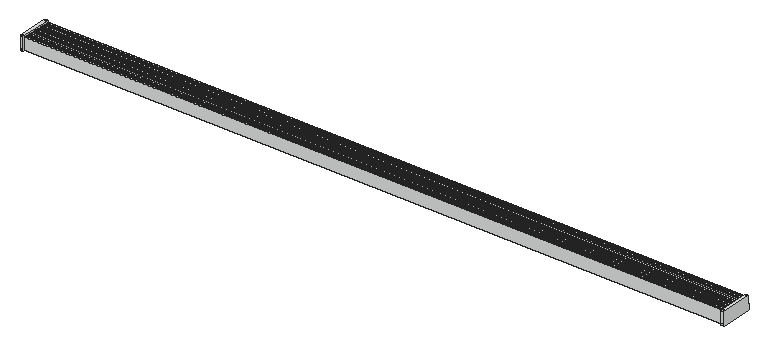
Revit family "Shower-Drain_Cover-KOHLER-Linear-K-80655", category Specialty Equipment, host Face, Revit 2017 (continued)
Definition of nested family "K-80655"
  Lines and regions (in)
    symbolic lines, detail levels medium+fine
      curve 582: line (-22.03447, -0.77, 0) -> (-22.03447, -0.91, 0)
      curve 583: line (-22.03447, -0.67, 0) -> (-21.37167, -0.67, 0)
      curve 584: line (-22.03447, -0.53, 0) -> (-21.37167, -0.53, 0)
      curve 585: line (-21.25967, -0.67, 0) -> (-20.59687, -0.67, 0)
      curve 586: line (-21.25967, -0.53, 0) -> (-20.59687, -0.53, 0)
      curve 587: line (-22.03447, -0.53, 0) -> (-22.03447, -0.67, 0)
      curve 588: line (-20.59687, -0.43, 0) -> (-20.59687, -0.29, 0)
      curve 589: line (-21.25967, -0.53, 0) -> (-21.25967, -0.67, 0)
      curve 590: line (-21.37167, -0.53, 0) -> (-21.37167, -0.67, 0)
      curve 591: line (-22.03447, -0.43, 0) -> (-21.37167, -0.43, 0)
      curve 592: line (-22.03447, -0.29, 0) -> (-21.37167, -0.29, 0)
      curve 593: line (-22.03447, -0.29, 0) -> (-22.03447, -0.43, 0)
      curve 594: line (-21.37167, -0.29, 0) -> (-21.37167, -0.43, 0)
      curve 595: line (-21.25967, -0.29, 0) -> (-21.25967, -0.43, 0)
      curve 596: line (-20.59687, -0.19, 0) -> (-20.59687, -0.05, 0)
      curve 597: line (-21.25967, -0.29, 0) -> (-20.59687, -0.29, 0)
      curve 598: line (-21.25967, -0.43, 0) -> (-20.59687, -0.43, 0)
      curve 599: line (-22.03447, -0.19, 0) -> (-21.37167, -0.19, 0)
      curve 600: line (-22.03447, -0.05, 0) -> (-21.37167, -0.05, 0)
      curve 601: line (-21.25967, -0.19, 0) -> (-20.59687, -0.19, 0)
      curve 602: line (-21.25967, -0.05, 0) -> (-20.59687, -0.05, 0)
      curve 603: line (-20.48505, 0.05, 0) -> (-20.48505, 0.19, 0)
      curve 604: line (-19.92137, 1.15, 0) -> (-20.38565, 1.15, 0)
      curve 605: line (-19.82225, 1.05088, 0) -> (-19.82225, 1.01, 0)
      curve 606: arc (-19.82225, 1.05088, 0) -> (-19.85128, 1.12097, 0) -> (-19.92137, 1.15, 0) r 0.09912
      curve 607: line (-19.82225, 0.91, 0) -> (-20.48505, 0.91, 0)
      curve 608: line (-20.48505, 1.01, 0) -> (-19.82225, 1.01, 0)
      curve 609: line (-19.82225, 0.91, 0) -> (-19.82225, 0.77, 0)
      curve 610: line (-19.82225, 0.67, 0) -> (-19.82225, 0.53, 0)
      curve 611: line (-20.48505, 0.77, 0) -> (-19.82225, 0.77, 0)
      curve 612: line (-20.48505, 0.77, 0) -> (-20.48505, 0.91, 0)
      curve 613: line (-20.48505, 0.67, 0) -> (-19.82225, 0.67, 0)
      curve 614: line (-20.48505, 0.53, 0) -> (-19.82225, 0.53, 0)
      curve 615: line (-19.82225, 0.43, 0) -> (-19.82225, 0.29, 0)
      curve 616: line (-20.48505, 0.53, 0) -> (-20.48505, 0.67, 0)
      curve 617: line (-20.48505, 0.29, 0) -> (-20.48505, 0.43, 0)
      curve 618: line (-19.82225, 0.19, 0) -> (-19.82225, 0.05, 0)
      curve 619: line (-20.48505, 0.29, 0) -> (-19.82225, 0.29, 0)
      curve 620: line (-20.48505, 0.43, 0) -> (-19.82225, 0.43, 0)
      curve 621: line (-20.48505, 0.19, 0) -> (-19.82225, 0.19, 0)
      curve 622: line (-20.48505, 0.05, 0) -> (-19.82225, 0.05, 0)
      curve 623: line (-20.48505, -0.05, 0) -> (-20.48505, -0.19, 0)
      curve 624: line (-19.92137, -1.15, 0) -> (-20.38186, -1.15, 0)
      curve 625: line (-19.82225, -1.05088, 0) -> (-19.82225, -1.01, 0)
      curve 626: arc (-19.82225, -1.05088, 0) -> (-19.85128, -1.12097, 0) -> (-19.92137, -1.15, 0) r 0.09912
      curve 627: line (-19.82225, -0.91, 0) -> (-20.48505, -0.91, 0)
      curve 628: line (-20.48505, -1.01, 0) -> (-19.82225, -1.01, 0)
      curve 629: line (-19.82225, -0.91, 0) -> (-19.82225, -0.77, 0)
      curve 630: line (-19.82225, -0.67, 0) -> (-19.82225, -0.53, 0)
      curve 631: line (-20.48505, -0.77, 0) -> (-19.82225, -0.77, 0)
      curve 632: line (-20.48505, -0.77, 0) -> (-20.48505, -0.91, 0)
      curve 633: line (-20.48505, -0.67, 0) -> (-19.82225, -0.67, 0)
      curve 634: line (-20.48505, -0.53, 0) -> (-19.82225, -0.53, 0)
      curve 635: line (-19.82225, -0.43, 0) -> (-19.82225, -0.29, 0)
      curve 636: line (-20.48505, -0.53, 0) -> (-20.48505, -0.67, 0)
      curve 637: line (-20.48505, -0.29, 0) -> (-20.48505, -0.43, 0)
      curve 638: line (-19.82225, -0.19, 0) -> (-19.82225, -0.05, 0)
      curve 639: line (-20.48505, -0.29, 0) -> (-19.82225, -0.29, 0)
      curve 640: line (-20.48505, -0.43, 0) -> (-19.82225, -0.43, 0)
      curve 641: line (-20.48505, -0.19, 0) -> (-19.82225, -0.19, 0)
      curve 642: line (-20.48505, -0.05, 0) -> (-19.82225, -0.05, 0)
      curve 643: line (-20.48505, 1.01, 0) -> (-20.48505, 1.05059, 0)
      curve 644: arc (-20.48505, 1.05059, 0) -> (-20.45594, 1.12088, 0) -> (-20.38565, 1.15, 0) r 0.09941
      curve 645: line (-20.48505, -1.01, 0) -> (-20.48505, -1.04681, 0)
      curve 646: arc (-20.48505, -1.04681, 0) -> (-20.45483, -1.11978, 0) -> (-20.38186, -1.15, 0) r 0.10319
      curve 647: line (-19.70999, 0.05, 0) -> (-19.70999, 0.19, 0)
      curve 648: line (-19.14631, 1.15, 0) -> (-19.61058, 1.15, 0)
      curve 649: line (-19.04719, 1.05088, 0) -> (-19.04719, 1.01, 0)
      curve 650: arc (-19.04719, 1.05088, 0) -> (-19.07622, 1.12097, 0) -> (-19.14631, 1.15, 0) r 0.09912
      curve 651: line (-19.04719, 0.91, 0) -> (-19.70999, 0.91, 0)
      curve 652: line (-19.70999, 1.01, 0) -> (-19.04719, 1.01, 0)
      curve 653: line (-19.04719, 0.91, 0) -> (-19.04719, 0.77, 0)
      curve 654: line (-19.04719, 0.67, 0) -> (-19.04719, 0.53, 0)
      curve 655: line (-19.70999, 0.77, 0) -> (-19.04719, 0.77, 0)
      curve 656: line (-19.70999, 0.77, 0) -> (-19.70999, 0.91, 0)
      curve 657: line (-19.70999, 0.67, 0) -> (-19.04719, 0.67, 0)
      curve 658: line (-19.70999, 0.53, 0) -> (-19.04719, 0.53, 0)
      curve 659: line (-19.04719, 0.43, 0) -> (-19.04719, 0.29, 0)
      curve 660: line (-19.70999, 0.53, 0) -> (-19.70999, 0.67, 0)
      curve 661: line (-19.70999, 0.29, 0) -> (-19.70999, 0.43, 0)
      curve 662: line (-19.04719, 0.19, 0) -> (-19.04719, 0.05, 0)
      curve 663: line (-19.70999, 0.29, 0) -> (-19.04719, 0.29, 0)
      curve 664: line (-19.70999, 0.43, 0) -> (-19.04719, 0.43, 0)
      curve 665: line (-19.70999, 0.19, 0) -> (-19.04719, 0.19, 0)
      curve 666: line (-19.70999, 0.05, 0) -> (-19.04719, 0.05, 0)
      curve 667: line (-19.70999, -0.05, 0) -> (-19.70999, -0.19, 0)
      curve 668: line (-19.14631, -1.15, 0) -> (-19.60679, -1.15, 0)
      curve 669: line (-19.04719, -1.05088, 0) -> (-19.04719, -1.01, 0)
      curve 670: arc (-19.04719, -1.05088, 0) -> (-19.07622, -1.12097, 0) -> (-19.14631, -1.15, 0) r 0.09912
      curve 671: line (-19.04719, -0.91, 0) -> (-19.70999, -0.91, 0)
      curve 672: line (-19.70999, -1.01, 0) -> (-19.04719, -1.01, 0)
      curve 673: line (-19.04719, -0.91, 0) -> (-19.04719, -0.77, 0)
      curve 674: line (-19.04719, -0.67, 0) -> (-19.04719, -0.53, 0)
      curve 675: line (-19.70999, -0.77, 0) -> (-19.04719, -0.77, 0)
      curve 676: line (-19.70999, -0.77, 0) -> (-19.70999, -0.91, 0)
      curve 677: line (-19.70999, -0.67, 0) -> (-19.04719, -0.67, 0)
      curve 678: line (-19.70999, -0.53, 0) -> (-19.04719, -0.53, 0)
      curve 679: line (-19.04719, -0.43, 0) -> (-19.04719, -0.29, 0)
      curve 680: line (-19.70999, -0.53, 0) -> (-19.70999, -0.67, 0)
      curve 681: line (-19.70999, -0.29, 0) -> (-19.70999, -0.43, 0)
      curve 682: line (-19.04719, -0.19, 0) -> (-19.04719, -0.05, 0)
      curve 683: line (-19.70999, -0.29, 0) -> (-19.04719, -0.29, 0)
      curve 684: line (-19.70999, -0.43, 0) -> (-19.04719, -0.43, 0)
      curve 685: line (-19.70999, -0.19, 0) -> (-19.04719, -0.19, 0)
      curve 686: line (-19.70999, -0.05, 0) -> (-19.04719, -0.05, 0)
      curve 687: line (-19.70999, 1.01, 0) -> (-19.70999, 1.05059, 0)
      curve 688: arc (-19.70999, 1.05059, 0) -> (-19.68087, 1.12088, 0) -> (-19.61058, 1.15, 0) r 0.09941
      curve 689: line (-19.70999, -1.01, 0) -> (-19.70999, -1.04681, 0)
      curve 690: arc (-19.70999, -1.04681, 0) -> (-19.67976, -1.11978, 0) -> (-19.60679, -1.15, 0) r 0.10319
      curve 691: line (-18.93446, 0.05, 0) -> (-18.93446, 0.19, 0)
      curve 692: line (-18.37078, 1.15, 0) -> (-18.83505, 1.15, 0)
      curve 693: line (-18.27166, 1.05088, 0) -> (-18.27166, 1.01, 0)
      curve 694: arc (-18.27166, 1.05088, 0) -> (-18.30069, 1.12097, 0) -> (-18.37078, 1.15, 0) r 0.09912
      curve 695: line (-18.27166, 0.91, 0) -> (-18.93446, 0.91, 0)
      curve 696: line (-18.93446, 1.01, 0) -> (-18.27166, 1.01, 0)
      curve 697: line (-18.27166, 0.91, 0) -> (-18.27166, 0.77, 0)
      curve 698: line (-18.27166, 0.67, 0) -> (-18.27166, 0.53, 0)
      curve 699: line (-18.93446, 0.77, 0) -> (-18.27166, 0.77, 0)
      curve 700: line (-18.93446, 0.77, 0) -> (-18.93446, 0.91, 0)
      curve 701: line (-18.93446, 0.67, 0) -> (-18.27166, 0.67, 0)
      curve 702: line (-18.93446, 0.53, 0) -> (-18.27166, 0.53, 0)
      curve 703: line (-18.27166, 0.43, 0) -> (-18.27166, 0.29, 0)
      curve 704: line (-18.93446, 0.53, 0) -> (-18.93446, 0.67, 0)
      curve 705: line (-18.93446, 0.29, 0) -> (-18.93446, 0.43, 0)
      curve 706: line (-18.27166, 0.19, 0) -> (-18.27166, 0.05, 0)
      curve 707: line (-18.93446, 0.29, 0) -> (-18.27166, 0.29, 0)
      curve 708: line (-18.93446, 0.43, 0) -> (-18.27166, 0.43, 0)
      curve 709: line (-18.93446, 0.19, 0) -> (-18.27166, 0.19, 0)
      curve 710: line (-18.93446, 0.05, 0) -> (-18.27166, 0.05, 0)
      curve 711: line (-18.93446, -0.05, 0) -> (-18.93446, -0.19, 0)
      curve 712: line (-18.37078, -1.15, 0) -> (-18.83126, -1.15, 0)
      curve 713: line (-18.27166, -1.05088, 0) -> (-18.27166, -1.01, 0)
      curve 714: arc (-18.27166, -1.05088, 0) -> (-18.30069, -1.12097, 0) -> (-18.37078, -1.15, 0) r 0.09912
      curve 715: line (-18.27166, -0.91, 0) -> (-18.93446, -0.91, 0)
      curve 716: line (-18.93446, -1.01, 0) -> (-18.27166, -1.01, 0)
      curve 717: line (-18.27166, -0.91, 0) -> (-18.27166, -0.77, 0)
      curve 718: line (-18.27166, -0.67, 0) -> (-18.27166, -0.53, 0)
      curve 719: line (-18.93446, -0.77, 0) -> (-18.27166, -0.77, 0)
      curve 720: line (-18.93446, -0.77, 0) -> (-18.93446, -0.91, 0)
      curve 721: line (-18.93446, -0.67, 0) -> (-18.27166, -0.67, 0)
      curve 722: line (-18.93446, -0.53, 0) -> (-18.27166, -0.53, 0)
      curve 723: line (-18.27166, -0.43, 0) -> (-18.27166, -0.29, 0)
      curve 724: line (-18.93446, -0.53, 0) -> (-18.93446, -0.67, 0)
      curve 725: line (-18.93446, -0.29, 0) -> (-18.93446, -0.43, 0)
      curve 726: line (-18.27166, -0.19, 0) -> (-18.27166, -0.05, 0)
      curve 727: line (-18.93446, -0.29, 0) -> (-18.27166, -0.29, 0)
      curve 728: line (-18.93446, -0.43, 0) -> (-18.27166, -0.43, 0)
      curve 729: line (-18.93446, -0.19, 0) -> (-18.27166, -0.19, 0)
      curve 730: line (-18.93446, -0.05, 0) -> (-18.27166, -0.05, 0)
      curve 731: line (-18.93446, 1.01, 0) -> (-18.93446, 1.05059, 0)
      curve 732: arc (-18.93446, 1.05059, 0) -> (-18.90534, 1.12088, 0) -> (-18.83505, 1.15, 0) r 0.09941
      curve 733: line (-18.93446, -1.01, 0) -> (-18.93446, -1.04681, 0)
      curve 734: arc (-18.93446, -1.04681, 0) -> (-18.90423, -1.11978, 0) -> (-18.83126, -1.15, 0) r 0.10319
      curve 735: line (-17.49549, 0.05, 0) -> (-17.49549, 0.19, 0)
      curve 736: arc (-17.49549, 0.83109, 0) -> (-17.50723, 0.87565, 0) -> (-17.53794, 0.91, 0) r 0.09854
      curve 737: arc (-17.60285, 1.01, 0) -> (-17.60578, 1.02893, 0) -> (-17.60653, 1.04807, 0) r 0.16707
      curve 738: line (-18.05917, 1.15, 0) -> (-17.7066, 1.15, 0)
      curve 739: arc (-18.15829, 1.05088, 0) -> (-18.12926, 1.12097, 0) -> (-18.05917, 1.15, 0) r 0.09912
      curve 740: arc (-17.7066, 1.15, 0) -> (-17.63518, 1.12003, 0) -> (-17.60653, 1.04807, 0) r 0.10009
      curve 741: arc (-17.35213, 1.01, 0) -> (-17.43949, 1.13911, 0) -> (-17.52684, 1.01, 0) r 0.09411
      curve 742: line (-17.38349, 0.05, 0) -> (-17.38349, 0.19, 0)
      curve 743: arc (-17.38349, 0.83109, 0) -> (-17.37175, 0.87565, 0) -> (-17.34104, 0.91, 0) r 0.09854
      curve 744: arc (-17.27613, 1.01, 0) -> (-17.2732, 1.02893, 0) -> (-17.27245, 1.04807, 0) r 0.16707
      curve 745: line (-16.81981, 1.15, 0) -> (-17.17238, 1.15, 0)
      curve 746: line (-16.72069, 1.05088, 0) -> (-16.72069, 1.01, 0)
      curve 747: arc (-16.72069, 1.05088, 0) -> (-16.74972, 1.12097, 0) -> (-16.81981, 1.15, 0) r 0.09912
      curve 748: arc (-17.17238, 1.15, 0) -> (-17.2438, 1.12003, 0) -> (-17.27245, 1.04807, 0) r 0.10009
      curve 749: line (-16.72069, 0.91, 0) -> (-17.34104, 0.91, 0)
      curve 750: line (-18.15829, 0.05, 0) -> (-18.15829, 0.19, 0)
      curve 751: line (-18.15829, 1.01, 0) -> (-17.60285, 1.01, 0)
      curve 752: line (-17.27613, 1.01, 0) -> (-16.72069, 1.01, 0)
      curve 753: line (-17.52684, 1.01, 0) -> (-17.35213, 1.01, 0)
      curve 754: line (-18.15829, 1.01, 0) -> (-18.15829, 1.05088, 0)
      curve 755: line (-16.72069, 0.91, 0) -> (-16.72069, 0.77, 0)
      curve 756: line (-18.15829, 0.77, 0) -> (-17.49549, 0.77, 0)
      curve 757: line (-17.53794, 0.91, 0) -> (-18.15829, 0.91, 0)
      curve 758: line (-16.72069, 0.67, 0) -> (-16.72069, 0.53, 0)
      curve 759: line (-17.38349, 0.77, 0) -> (-16.72069, 0.77, 0)
      curve 760: line (-17.49549, 0.77, 0) -> (-17.49549, 0.83109, 0)
      curve 761: line (-17.38349, 0.77, 0) -> (-17.38349, 0.83109, 0)
      curve 762: line (-18.15829, 0.77, 0) -> (-18.15829, 0.91, 0)
      curve 763: line (-18.15829, 0.67, 0) -> (-17.49549, 0.67, 0)
      curve 764: line (-18.15829, 0.53, 0) -> (-17.49549, 0.53, 0)
      curve 765: line (-17.38349, 0.67, 0) -> (-16.72069, 0.67, 0)
      curve 766: line (-17.38349, 0.53, 0) -> (-16.72069, 0.53, 0)
      curve 767: line (-18.15829, 0.53, 0) -> (-18.15829, 0.67, 0)
      curve 768: line (-16.72069, 0.43, 0) -> (-16.72069, 0.29, 0)
      curve 769: line (-17.38349, 0.53, 0) -> (-17.38349, 0.67, 0)
      curve 770: line (-17.49549, 0.53, 0) -> (-17.49549, 0.67, 0)
      curve 771: line (-18.15829, 0.43, 0) -> (-17.49549, 0.43, 0)
      curve 772: line (-18.15829, 0.29, 0) -> (-17.49549, 0.29, 0)
      curve 773: line (-18.15829, 0.29, 0) -> (-18.15829, 0.43, 0)
      curve 774: line (-17.49549, 0.29, 0) -> (-17.49549, 0.43, 0)
      curve 775: line (-17.38349, 0.29, 0) -> (-17.38349, 0.43, 0)
      curve 776: line (-16.72069, 0.19, 0) -> (-16.72069, 0.05, 0)
      curve 777: line (-17.38349, 0.29, 0) -> (-16.72069, 0.29, 0)
      curve 778: line (-17.38349, 0.43, 0) -> (-16.72069, 0.43, 0)
      curve 779: line (-18.15829, 0.19, 0) -> (-17.49549, 0.19, 0)
      curve 780: line (-18.15829, 0.05, 0) -> (-17.49549, 0.05, 0)
      curve 781: line (-17.38349, 0.19, 0) -> (-16.72069, 0.19, 0)
      curve 782: line (-17.38349, 0.05, 0) -> (-16.72069, 0.05, 0)
      curve 783: line (-17.49549, -0.05, 0) -> (-17.49549, -0.19, 0)
      curve 784: arc (-17.49549, -0.83109, 0) -> (-17.50723, -0.87565, 0) -> (-17.53794, -0.91, 0) r 0.09854
      curve 785: arc (-17.60285, -1.01, 0) -> (-17.60578, -1.02893, 0) -> (-17.60653, -1.04807, 0) r 0.16707
      curve 786: line (-18.05917, -1.15, 0) -> (-17.7066, -1.15, 0)
      curve 787: arc (-18.15829, -1.05088, 0) -> (-18.12926, -1.12097, 0) -> (-18.05917, -1.15, 0) r 0.09912
      curve 788: arc (-17.7066, -1.15, 0) -> (-17.63518, -1.12003, 0) -> (-17.60653, -1.04807, 0) r 0.10009
      curve 789: arc (-17.35213, -1.01, 0) -> (-17.43949, -1.13911, 0) -> (-17.52684, -1.01, 0) r 0.09411
      curve 790: line (-17.38349, -0.05, 0) -> (-17.38349, -0.19, 0)
      curve 791: arc (-17.38349, -0.83109, 0) -> (-17.37175, -0.87565, 0) -> (-17.34104, -0.91, 0) r 0.09854
      curve 792: arc (-17.27613, -1.01, 0) -> (-17.2732, -1.02893, 0) -> (-17.27245, -1.04807, 0) r 0.16707
      curve 793: line (-16.81981, -1.15, 0) -> (-17.17238, -1.15, 0)
      curve 794: line (-16.72069, -1.05088, 0) -> (-16.72069, -1.01, 0)
      curve 795: arc (-16.72069, -1.05088, 0) -> (-16.74972, -1.12097, 0) -> (-16.81981, -1.15, 0) r 0.09912
      curve 796: arc (-17.17238, -1.15, 0) -> (-17.2438, -1.12003, 0) -> (-17.27245, -1.04807, 0) r 0.10009
      curve 797: line (-16.72069, -0.91, 0) -> (-17.34104, -0.91, 0)
      curve 798: line (-18.15829, -0.05, 0) -> (-18.15829, -0.19, 0)
      curve 799: line (-18.15829, -1.01, 0) -> (-17.60285, -1.01, 0)
      curve 800: line (-17.27613, -1.01, 0) -> (-16.72069, -1.01, 0)
      curve 801: line (-17.52684, -1.01, 0) -> (-17.35213, -1.01, 0)
      curve 802: line (-18.15829, -1.01, 0) -> (-18.15829, -1.05088, 0)
      curve 803: line (-16.72069, -0.91, 0) -> (-16.72069, -0.77, 0)
      curve 804: line (-18.15829, -0.77, 0) -> (-17.49549, -0.77, 0)
      curve 805: line (-17.53794, -0.91, 0) -> (-18.15829, -0.91, 0)
      curve 806: line (-16.72069, -0.67, 0) -> (-16.72069, -0.53, 0)
      curve 807: line (-17.38349, -0.77, 0) -> (-16.72069, -0.77, 0)
      curve 808: line (-17.49549, -0.77, 0) -> (-17.49549, -0.83109, 0)
      curve 809: line (-17.38349, -0.77, 0) -> (-17.38349, -0.83109, 0)
      curve 810: line (-18.15829, -0.77, 0) -> (-18.15829, -0.91, 0)
      curve 811: line (-18.15829, -0.67, 0) -> (-17.49549, -0.67, 0)
      curve 812: line (-18.15829, -0.53, 0) -> (-17.49549, -0.53, 0)
      curve 813: line (-17.38349, -0.67, 0) -> (-16.72069, -0.67, 0)
      curve 814: line (-17.38349, -0.53, 0) -> (-16.72069, -0.53, 0)
      curve 815: line (-18.15829, -0.53, 0) -> (-18.15829, -0.67, 0)
      curve 816: line (-16.72069, -0.43, 0) -> (-16.72069, -0.29, 0)
      curve 817: line (-17.38349, -0.53, 0) -> (-17.38349, -0.67, 0)
      curve 818: line (-17.49549, -0.53, 0) -> (-17.49549, -0.67, 0)
      curve 819: line (-18.15829, -0.43, 0) -> (-17.49549, -0.43, 0)
      curve 820: line (-18.15829, -0.29, 0) -> (-17.49549, -0.29, 0)
      curve 821: line (-18.15829, -0.29, 0) -> (-18.15829, -0.43, 0)
      curve 822: line (-17.49549, -0.29, 0) -> (-17.49549, -0.43, 0)
      curve 823: line (-17.38349, -0.29, 0) -> (-17.38349, -0.43, 0)
      curve 824: line (-16.72069, -0.19, 0) -> (-16.72069, -0.05, 0)
      curve 825: line (-17.38349, -0.29, 0) -> (-16.72069, -0.29, 0)
      curve 826: line (-17.38349, -0.43, 0) -> (-16.72069, -0.43, 0)
      curve 827: line (-18.15829, -0.19, 0) -> (-17.49549, -0.19, 0)
      curve 828: line (-18.15829, -0.05, 0) -> (-17.49549, -0.05, 0)
      curve 829: line (-17.38349, -0.19, 0) -> (-16.72069, -0.19, 0)
      curve 830: line (-17.38349, -0.05, 0) -> (-16.72069, -0.05, 0)
      curve 831: line (-16.60887, 0.05, 0) -> (-16.60887, 0.19, 0)
      curve 832: line (-16.04519, 1.15, 0) -> (-16.50946, 1.15, 0)
      curve 833: line (-15.94607, 1.05088, 0) -> (-15.94607, 1.01, 0)
      curve 834: arc (-15.94607, 1.05088, 0) -> (-15.9751, 1.12097, 0) -> (-16.04519, 1.15, 0) r 0.09912
      curve 835: line (-15.94607, 0.91, 0) -> (-16.60887, 0.91, 0)
      curve 836: line (-16.60887, 1.01, 0) -> (-15.94607, 1.01, 0)
      curve 837: line (-15.94607, 0.91, 0) -> (-15.94607, 0.77, 0)
      curve 838: line (-15.94607, 0.67, 0) -> (-15.94607, 0.53, 0)
      curve 839: line (-16.60887, 0.77, 0) -> (-15.94607, 0.77, 0)
      curve 840: line (-16.60887, 0.77, 0) -> (-16.60887, 0.91, 0)
      curve 841: line (-16.60887, 0.67, 0) -> (-15.94607, 0.67, 0)
      curve 842: line (-16.60887, 0.53, 0) -> (-15.94607, 0.53, 0)
      curve 843: line (-15.94607, 0.43, 0) -> (-15.94607, 0.29, 0)
      curve 844: line (-16.60887, 0.53, 0) -> (-16.60887, 0.67, 0)
      curve 845: line (-16.60887, 0.29, 0) -> (-16.60887, 0.43, 0)
      curve 846: line (-15.94607, 0.19, 0) -> (-15.94607, 0.05, 0)
      curve 847: line (-16.60887, 0.29, 0) -> (-15.94607, 0.29, 0)
      curve 848: line (-16.60887, 0.43, 0) -> (-15.94607, 0.43, 0)
      curve 849: line (-16.60887, 0.19, 0) -> (-15.94607, 0.19, 0)
      curve 850: line (-16.60887, 0.05, 0) -> (-15.94607, 0.05, 0)
      curve 851: line (-16.60887, -0.05, 0) -> (-16.60887, -0.19, 0)
      curve 852: line (-16.04519, -1.15, 0) -> (-16.50567, -1.15, 0)
      curve 853: line (-15.94607, -1.05088, 0) -> (-15.94607, -1.01, 0)
      curve 854: arc (-15.94607, -1.05088, 0) -> (-15.9751, -1.12097, 0) -> (-16.04519, -1.15, 0) r 0.09912
      curve 855: line (-15.94607, -0.91, 0) -> (-16.60887, -0.91, 0)
      curve 856: line (-16.60887, -1.01, 0) -> (-15.94607, -1.01, 0)
      curve 857: line (-15.94607, -0.91, 0) -> (-15.94607, -0.77, 0)
      curve 858: line (-15.94607, -0.67, 0) -> (-15.94607, -0.53, 0)
      curve 859: line (-16.60887, -0.77, 0) -> (-15.94607, -0.77, 0)
      curve 860: line (-16.60887, -0.77, 0) -> (-16.60887, -0.91, 0)
      curve 861: line (-16.60887, -0.67, 0) -> (-15.94607, -0.67, 0)
      curve 862: line (-16.60887, -0.53, 0) -> (-15.94607, -0.53, 0)
      curve 863: line (-15.94607, -0.43, 0) -> (-15.94607, -0.29, 0)
      curve 864: line (-16.60887, -0.53, 0) -> (-16.60887, -0.67, 0)
      curve 865: line (-16.60887, -0.29, 0) -> (-16.60887, -0.43, 0)
      curve 866: line (-15.94607, -0.19, 0) -> (-15.94607, -0.05, 0)
      curve 867: line (-16.60887, -0.29, 0) -> (-15.94607, -0.29, 0)
      curve 868: line (-16.60887, -0.43, 0) -> (-15.94607, -0.43, 0)
      curve 869: line (-16.60887, -0.19, 0) -> (-15.94607, -0.19, 0)
      curve 870: line (-16.60887, -0.05, 0) -> (-15.94607, -0.05, 0)
      curve 871: line (-16.60887, 1.01, 0) -> (-16.60887, 1.05059, 0)
      curve 872: arc (-16.60887, 1.05059, 0) -> (-16.57975, 1.12088, 0) -> (-16.50946, 1.15, 0) r 0.09941
      curve 873: line (-16.60887, -1.01, 0) -> (-16.60887, -1.04681, 0)
      curve 874: arc (-16.60887, -1.04681, 0) -> (-16.57864, -1.11978, 0) -> (-16.50567, -1.15, 0) r 0.10319
      curve 875: line (-15.8338, 0.05, 0) -> (-15.8338, 0.19, 0)
      curve 876: line (-15.27012, 1.15, 0) -> (-15.7344, 1.15, 0)
      curve 877: line (-15.171, 1.05088, 0) -> (-15.171, 1.01, 0)
      curve 878: arc (-15.171, 1.05088, 0) -> (-15.20004, 1.12097, 0) -> (-15.27012, 1.15, 0) r 0.09912
      curve 879: line (-15.171, 0.91, 0) -> (-15.8338, 0.91, 0)
      curve 880: line (-15.8338, 1.01, 0) -> (-15.171, 1.01, 0)
      curve 881: line (-15.171, 0.91, 0) -> (-15.171, 0.77, 0)
      curve 882: line (-15.171, 0.67, 0) -> (-15.171, 0.53, 0)
      curve 883: line (-15.8338, 0.77, 0) -> (-15.171, 0.77, 0)
      curve 884: line (-15.8338, 0.77, 0) -> (-15.8338, 0.91, 0)
      curve 885: line (-15.8338, 0.67, 0) -> (-15.171, 0.67, 0)
      curve 886: line (-15.8338, 0.53, 0) -> (-15.171, 0.53, 0)
      curve 887: line (-15.171, 0.43, 0) -> (-15.171, 0.29, 0)
      curve 888: line (-15.8338, 0.53, 0) -> (-15.8338, 0.67, 0)
      curve 889: line (-15.8338, 0.29, 0) -> (-15.8338, 0.43, 0)
      curve 890: line (-15.171, 0.19, 0) -> (-15.171, 0.05, 0)
      curve 891: line (-15.8338, 0.29, 0) -> (-15.171, 0.29, 0)
      curve 892: line (-15.8338, 0.43, 0) -> (-15.171, 0.43, 0)
      curve 893: line (-15.8338, 0.19, 0) -> (-15.171, 0.19, 0)
      curve 894: line (-15.8338, 0.05, 0) -> (-15.171, 0.05, 0)
      curve 895: line (-15.8338, -0.05, 0) -> (-15.8338, -0.19, 0)
      curve 896: line (-15.27012, -1.15, 0) -> (-15.73061, -1.15, 0)
      curve 897: line (-15.171, -1.05088, 0) -> (-15.171, -1.01, 0)
      curve 898: arc (-15.171, -1.05088, 0) -> (-15.20004, -1.12097, 0) -> (-15.27012, -1.15, 0) r 0.09912
      curve 899: line (-15.171, -0.91, 0) -> (-15.8338, -0.91, 0)
      curve 900: line (-15.8338, -1.01, 0) -> (-15.171, -1.01, 0)
      curve 901: line (-15.171, -0.91, 0) -> (-15.171, -0.77, 0)
      curve 902: line (-15.171, -0.67, 0) -> (-15.171, -0.53, 0)
      curve 903: line (-15.8338, -0.77, 0) -> (-15.171, -0.77, 0)
      curve 904: line (-15.8338, -0.77, 0) -> (-15.8338, -0.91, 0)
      curve 905: line (-15.8338, -0.67, 0) -> (-15.171, -0.67, 0)
      curve 906: line (-15.8338, -0.53, 0) -> (-15.171, -0.53, 0)
      curve 907: line (-15.171, -0.43, 0) -> (-15.171, -0.29, 0)
      curve 908: line (-15.8338, -0.53, 0) -> (-15.8338, -0.67, 0)
      curve 909: line (-15.8338, -0.29, 0) -> (-15.8338, -0.43, 0)
      curve 910: line (-15.171, -0.19, 0) -> (-15.171, -0.05, 0)
      curve 911: line (-15.8338, -0.29, 0) -> (-15.171, -0.29, 0)
      curve 912: line (-15.8338, -0.43, 0) -> (-15.171, -0.43, 0)
      curve 913: line (-15.8338, -0.19, 0) -> (-15.171, -0.19, 0)
      curve 914: line (-15.8338, -0.05, 0) -> (-15.171, -0.05, 0)
      curve 915: line (-15.8338, 1.01, 0) -> (-15.8338, 1.05059, 0)
      curve 916: arc (-15.8338, 1.05059, 0) -> (-15.80469, 1.12088, 0) -> (-15.7344, 1.15, 0) r 0.09941
      curve 917: line (-15.8338, -1.01, 0) -> (-15.8338, -1.04681, 0)
      curve 918: arc (-15.8338, -1.04681, 0) -> (-15.80358, -1.11978, 0) -> (-15.73061, -1.15, 0) r 0.10319
      curve 919: line (-15.05827, 0.05, 0) -> (-15.05827, 0.19, 0)
      curve 920: line (-14.49459, 1.15, 0) -> (-14.95886, 1.15, 0)
      curve 921: line (-14.39547, 1.05088, 0) -> (-14.39547, 1.01, 0)
      curve 922: arc (-14.39547, 1.05088, 0) -> (-14.4245, 1.12097, 0) -> (-14.49459, 1.15, 0) r 0.09912
      curve 923: line (-14.39547, 0.91, 0) -> (-15.05827, 0.91, 0)
      curve 924: line (-15.05827, 1.01, 0) -> (-14.39547, 1.01, 0)
      curve 925: line (-14.39547, 0.91, 0) -> (-14.39547, 0.77, 0)
      curve 926: line (-14.39547, 0.67, 0) -> (-14.39547, 0.53, 0)
      curve 927: line (-15.05827, 0.77, 0) -> (-14.39547, 0.77, 0)
      curve 928: line (-15.05827, 0.77, 0) -> (-15.05827, 0.91, 0)
      curve 929: line (-15.05827, 0.67, 0) -> (-14.39547, 0.67, 0)
      curve 930: line (-15.05827, 0.53, 0) -> (-14.39547, 0.53, 0)
      curve 931: line (-14.39547, 0.43, 0) -> (-14.39547, 0.29, 0)
      curve 932: line (-15.05827, 0.53, 0) -> (-15.05827, 0.67, 0)
      curve 933: line (-15.05827, 0.29, 0) -> (-15.05827, 0.43, 0)
      curve 934: line (-14.39547, 0.19, 0) -> (-14.39547, 0.05, 0)
      curve 935: line (-15.05827, 0.29, 0) -> (-14.39547, 0.29, 0)
      curve 936: line (-15.05827, 0.43, 0) -> (-14.39547, 0.43, 0)
      curve 937: line (-15.05827, 0.19, 0) -> (-14.39547, 0.19, 0)
      curve 938: line (-15.05827, 0.05, 0) -> (-14.39547, 0.05, 0)
      curve 939: line (-15.05827, -0.05, 0) -> (-15.05827, -0.19, 0)
      curve 940: line (-14.49459, -1.15, 0) -> (-14.95508, -1.15, 0)
      curve 941: line (-14.39547, -1.05088, 0) -> (-14.39547, -1.01, 0)
      curve 942: arc (-14.39547, -1.05088, 0) -> (-14.4245, -1.12097, 0) -> (-14.49459, -1.15, 0) r 0.09912
      curve 943: line (-14.39547, -0.91, 0) -> (-15.05827, -0.91, 0)
      curve 944: line (-15.05827, -1.01, 0) -> (-14.39547, -1.01, 0)
      curve 945: line (-14.39547, -0.91, 0) -> (-14.39547, -0.77, 0)
      curve 946: line (-14.39547, -0.67, 0) -> (-14.39547, -0.53, 0)
      curve 947: line (-15.05827, -0.77, 0) -> (-14.39547, -0.77, 0)
      curve 948: line (-15.05827, -0.77, 0) -> (-15.05827, -0.91, 0)
      curve 949: line (-15.05827, -0.67, 0) -> (-14.39547, -0.67, 0)
      curve 950: line (-15.05827, -0.53, 0) -> (-14.39547, -0.53, 0)
      curve 951: line (-14.39547, -0.43, 0) -> (-14.39547, -0.29, 0)
      curve 952: line (-15.05827, -0.53, 0) -> (-15.05827, -0.67, 0)
      curve 953: line (-15.05827, -0.29, 0) -> (-15.05827, -0.43, 0)
      curve 954: line (-14.39547, -0.19, 0) -> (-14.39547, -0.05, 0)
      curve 955: line (-15.05827, -0.29, 0) -> (-14.39547, -0.29, 0)
      curve 956: line (-15.05827, -0.43, 0) -> (-14.39547, -0.43, 0)
      curve 957: line (-15.05827, -0.19, 0) -> (-14.39547, -0.19, 0)
      curve 958: line (-15.05827, -0.05, 0) -> (-14.39547, -0.05, 0)
      curve 959: line (-15.05827, 1.01, 0) -> (-15.05827, 1.05059, 0)
      curve 960: arc (-15.05827, 1.05059, 0) -> (-15.02916, 1.12088, 0) -> (-14.95886, 1.15, 0) r 0.09941
      curve 961: line (-15.05827, -1.01, 0) -> (-15.05827, -1.04681, 0)
      curve 962: arc (-15.05827, -1.04681, 0) -> (-15.02805, -1.11978, 0) -> (-14.95508, -1.15, 0) r 0.10319
      curve 963: line (-13.61936, 0.05, 0) -> (-13.61936, 0.19, 0)
      curve 964: arc (-13.61936, 0.83109, 0) -> (-13.63109, 0.87565, 0) -> (-13.6618, 0.91, 0) r 0.09854
      curve 965: arc (-13.72671, 1.01, 0) -> (-13.72965, 1.02893, 0) -> (-13.73039, 1.04807, 0) r 0.16707
      curve 966: line (-14.18304, 1.15, 0) -> (-13.83047, 1.15, 0)
      curve 967: arc (-14.28216, 1.05088, 0) -> (-14.25312, 1.12097, 0) -> (-14.18304, 1.15, 0) r 0.09912
      curve 968: arc (-13.83047, 1.15, 0) -> (-13.75904, 1.12003, 0) -> (-13.73039, 1.04807, 0) r 0.10009
      curve 969: arc (-13.476, 1.01, 0) -> (-13.56336, 1.13911, 0) -> (-13.65071, 1.01, 0) r 0.09411
      curve 970: line (-13.50736, 0.05, 0) -> (-13.50736, 0.19, 0)
      curve 971: arc (-13.50736, 0.83109, 0) -> (-13.49562, 0.87565, 0) -> (-13.46491, 0.91, 0) r 0.09854
      curve 972: arc (-13.4, 1.01, 0) -> (-13.39707, 1.02893, 0) -> (-13.39632, 1.04807, 0) r 0.16707
      curve 973: line (-12.94368, 1.15, 0) -> (-13.29625, 1.15, 0)
      curve 974: line (-12.84456, 1.05088, 0) -> (-12.84456, 1.01, 0)
      curve 975: arc (-12.84456, 1.05088, 0) -> (-12.87359, 1.12097, 0) -> (-12.94368, 1.15, 0) r 0.09912
      curve 976: arc (-13.29625, 1.15, 0) -> (-13.36767, 1.12003, 0) -> (-13.39632, 1.04807, 0) r 0.10009
      curve 977: line (-12.84456, 0.91, 0) -> (-13.46491, 0.91, 0)
      curve 978: line (-14.28216, 0.05, 0) -> (-14.28216, 0.19, 0)
      curve 979: line (-14.28216, 1.01, 0) -> (-13.72671, 1.01, 0)
      curve 980: line (-13.4, 1.01, 0) -> (-12.84456, 1.01, 0)
      curve 981: line (-13.65071, 1.01, 0) -> (-13.476, 1.01, 0)
      curve 982: line (-14.28216, 1.01, 0) -> (-14.28216, 1.05088, 0)
      curve 983: line (-12.84456, 0.91, 0) -> (-12.84456, 0.77, 0)
      curve 984: line (-14.28216, 0.77, 0) -> (-13.61936, 0.77, 0)
      curve 985: line (-13.6618, 0.91, 0) -> (-14.28216, 0.91, 0)
      curve 986: line (-12.84456, 0.67, 0) -> (-12.84456, 0.53, 0)
      curve 987: line (-13.50736, 0.77, 0) -> (-12.84456, 0.77, 0)
      curve 988: line (-13.61936, 0.77, 0) -> (-13.61936, 0.83109, 0)
      curve 989: line (-13.50736, 0.77, 0) -> (-13.50736, 0.83109, 0)
      curve 990: line (-14.28216, 0.77, 0) -> (-14.28216, 0.91, 0)
      curve 991: line (-14.28216, 0.67, 0) -> (-13.61936, 0.67, 0)
      curve 992: line (-14.28216, 0.53, 0) -> (-13.61936, 0.53, 0)
      curve 993: line (-13.50736, 0.67, 0) -> (-12.84456, 0.67, 0)
      curve 994: line (-13.50736, 0.53, 0) -> (-12.84456, 0.53, 0)
      curve 995: line (-14.28216, 0.53, 0) -> (-14.28216, 0.67, 0)
      curve 996: line (-12.84456, 0.43, 0) -> (-12.84456, 0.29, 0)
      curve 997: line (-13.50736, 0.53, 0) -> (-13.50736, 0.67, 0)
      curve 998: line (-13.61936, 0.53, 0) -> (-13.61936, 0.67, 0)
      curve 999: line (-14.28216, 0.43, 0) -> (-13.61936, 0.43, 0)
      curve 1000: line (-14.28216, 0.29, 0) -> (-13.61936, 0.29, 0)
      curve 1001: line (-14.28216, 0.29, 0) -> (-14.28216, 0.43, 0)
      curve 1002: line (-13.61936, 0.29, 0) -> (-13.61936, 0.43, 0)
      curve 1003: line (-13.50736, 0.29, 0) -> (-13.50736, 0.43, 0)
      curve 1004: line (-12.84456, 0.19, 0) -> (-12.84456, 0.05, 0)
      curve 1005: line (-13.50736, 0.29, 0) -> (-12.84456, 0.29, 0)
      curve 1006: line (-13.50736, 0.43, 0) -> (-12.84456, 0.43, 0)
      curve 1007: line (-14.28216, 0.19, 0) -> (-13.61936, 0.19, 0)
      curve 1008: line (-14.28216, 0.05, 0) -> (-13.61936, 0.05, 0)
      curve 1009: line (-13.50736, 0.19, 0) -> (-12.84456, 0.19, 0)
      curve 1010: line (-13.50736, 0.05, 0) -> (-12.84456, 0.05, 0)
      curve 1011: line (-13.61936, -0.05, 0) -> (-13.61936, -0.19, 0)
      curve 1012: arc (-13.61936, -0.83109, 0) -> (-13.63109, -0.87565, 0) -> (-13.6618, -0.91, 0) r 0.09854
      curve 1013: arc (-13.72671, -1.01, 0) -> (-13.72965, -1.02893, 0) -> (-13.73039, -1.04807, 0) r 0.16707
      curve 1014: line (-14.18304, -1.15, 0) -> (-13.83047, -1.15, 0)
      curve 1015: arc (-14.28216, -1.05088, 0) -> (-14.25312, -1.12097, 0) -> (-14.18304, -1.15, 0) r 0.09912
      curve 1016: arc (-13.83047, -1.15, 0) -> (-13.75904, -1.12003, 0) -> (-13.73039, -1.04807, 0) r 0.10009
      curve 1017: arc (-13.476, -1.01, 0) -> (-13.56336, -1.13911, 0) -> (-13.65071, -1.01, 0) r 0.09411
      curve 1018: line (-13.50736, -0.05, 0) -> (-13.50736, -0.19, 0)
      curve 1019: arc (-13.50736, -0.83109, 0) -> (-13.49562, -0.87565, 0) -> (-13.46491, -0.91, 0) r 0.09854
      curve 1020: arc (-13.4, -1.01, 0) -> (-13.39707, -1.02893, 0) -> (-13.39632, -1.04807, 0) r 0.16707
      curve 1021: line (-12.94368, -1.15, 0) -> (-13.29625, -1.15, 0)
      curve 1022: line (-12.84456, -1.05088, 0) -> (-12.84456, -1.01, 0)
      curve 1023: arc (-12.84456, -1.05088, 0) -> (-12.87359, -1.12097, 0) -> (-12.94368, -1.15, 0) r 0.09912
      curve 1024: arc (-13.29625, -1.15, 0) -> (-13.36767, -1.12003, 0) -> (-13.39632, -1.04807, 0) r 0.10009
      curve 1025: line (-12.84456, -0.91, 0) -> (-13.46491, -0.91, 0)
      curve 1026: line (-14.28216, -0.05, 0) -> (-14.28216, -0.19, 0)
      curve 1027: line (-14.28216, -1.01, 0) -> (-13.72671, -1.01, 0)
      curve 1028: line (-13.4, -1.01, 0) -> (-12.84456, -1.01, 0)
      curve 1029: line (-13.65071, -1.01, 0) -> (-13.476, -1.01, 0)
      curve 1030: line (-14.28216, -1.01, 0) -> (-14.28216, -1.05088, 0)
      curve 1031: line (-12.84456, -0.91, 0) -> (-12.84456, -0.77, 0)
      curve 1032: line (-14.28216, -0.77, 0) -> (-13.61936, -0.77, 0)
      curve 1033: line (-13.6618, -0.91, 0) -> (-14.28216, -0.91, 0)
      curve 1034: line (-12.84456, -0.67, 0) -> (-12.84456, -0.53, 0)
      curve 1035: line (-13.50736, -0.77, 0) -> (-12.84456, -0.77, 0)
      curve 1036: line (-13.61936, -0.77, 0) -> (-13.61936, -0.83109, 0)
      curve 1037: line (-13.50736, -0.77, 0) -> (-13.50736, -0.83109, 0)
      curve 1038: line (-14.28216, -0.77, 0) -> (-14.28216, -0.91, 0)
      curve 1039: line (-14.28216, -0.67, 0) -> (-13.61936, -0.67, 0)
      curve 1040: line (-14.28216, -0.53, 0) -> (-13.61936, -0.53, 0)
      curve 1041: line (-13.50736, -0.67, 0) -> (-12.84456, -0.67, 0)
      curve 1042: line (-13.50736, -0.53, 0) -> (-12.84456, -0.53, 0)
      curve 1043: line (-14.28216, -0.53, 0) -> (-14.28216, -0.67, 0)
      curve 1044: line (-12.84456, -0.43, 0) -> (-12.84456, -0.29, 0)
      curve 1045: line (-13.50736, -0.53, 0) -> (-13.50736, -0.67, 0)
      curve 1046: line (-13.61936, -0.53, 0) -> (-13.61936, -0.67, 0)
      curve 1047: line (-14.28216, -0.43, 0) -> (-13.61936, -0.43, 0)
      curve 1048: line (-14.28216, -0.29, 0) -> (-13.61936, -0.29, 0)
      curve 1049: line (-14.28216, -0.29, 0) -> (-14.28216, -0.43, 0)
      curve 1050: line (-13.61936, -0.29, 0) -> (-13.61936, -0.43, 0)
      curve 1051: line (-13.50736, -0.29, 0) -> (-13.50736, -0.43, 0)
      curve 1052: line (-12.84456, -0.19, 0) -> (-12.84456, -0.05, 0)
      curve 1053: line (-13.50736, -0.29, 0) -> (-12.84456, -0.29, 0)
      curve 1054: line (-13.50736, -0.43, 0) -> (-12.84456, -0.43, 0)
      curve 1055: line (-14.28216, -0.19, 0) -> (-13.61936, -0.19, 0)
      curve 1056: line (-14.28216, -0.05, 0) -> (-13.61936, -0.05, 0)
      curve 1057: line (-13.50736, -0.19, 0) -> (-12.84456, -0.19, 0)
      curve 1058: line (-13.50736, -0.05, 0) -> (-12.84456, -0.05, 0)
      curve 1059: line (-12.73274, 0.05, 0) -> (-12.73274, 0.19, 0)
      curve 1060: line (-12.16905, 1.15, 0) -> (-12.63333, 1.15, 0)
      curve 1061: line (-12.06994, 1.05088, 0) -> (-12.06994, 1.01, 0)
      curve 1062: arc (-12.06994, 1.05088, 0) -> (-12.09897, 1.12097, 0) -> (-12.16905, 1.15, 0) r 0.09912
      curve 1063: line (-12.06994, 0.91, 0) -> (-12.73274, 0.91, 0)
      curve 1064: line (-12.73274, 1.01, 0) -> (-12.06994, 1.01, 0)
      curve 1065: line (-12.06994, 0.91, 0) -> (-12.06994, 0.77, 0)
      curve 1066: line (-12.06994, 0.67, 0) -> (-12.06994, 0.53, 0)
      curve 1067: line (-12.73274, 0.77, 0) -> (-12.06994, 0.77, 0)
      curve 1068: line (-12.73274, 0.77, 0) -> (-12.73274, 0.91, 0)
      curve 1069: line (-12.73274, 0.67, 0) -> (-12.06994, 0.67, 0)
      curve 1070: line (-12.73274, 0.53, 0) -> (-12.06994, 0.53, 0)
      curve 1071: line (-12.06994, 0.43, 0) -> (-12.06994, 0.29, 0)
      curve 1072: line (-12.73274, 0.53, 0) -> (-12.73274, 0.67, 0)
      curve 1073: line (-12.73274, 0.29, 0) -> (-12.73274, 0.43, 0)
      curve 1074: line (-12.06994, 0.19, 0) -> (-12.06994, 0.05, 0)
      curve 1075: line (-12.73274, 0.29, 0) -> (-12.06994, 0.29, 0)
      curve 1076: line (-12.73274, 0.43, 0) -> (-12.06994, 0.43, 0)
      curve 1077: line (-12.73274, 0.19, 0) -> (-12.06994, 0.19, 0)
      curve 1078: line (-12.73274, 0.05, 0) -> (-12.06994, 0.05, 0)
      curve 1079: line (-12.73274, -0.05, 0) -> (-12.73274, -0.19, 0)
      curve 1080: line (-12.16905, -1.15, 0) -> (-12.62954, -1.15, 0)
      curve 1081: line (-12.06994, -1.05088, 0) -> (-12.06994, -1.01, 0)
      curve 1082: arc (-12.06994, -1.05088, 0) -> (-12.09897, -1.12097, 0) -> (-12.16905, -1.15, 0) r 0.09912
      curve 1083: line (-12.06994, -0.91, 0) -> (-12.73274, -0.91, 0)
      curve 1084: line (-12.73274, -1.01, 0) -> (-12.06994, -1.01, 0)
      curve 1085: line (-12.06994, -0.91, 0) -> (-12.06994, -0.77, 0)
      curve 1086: line (-12.06994, -0.67, 0) -> (-12.06994, -0.53, 0)
      curve 1087: line (-12.73274, -0.77, 0) -> (-12.06994, -0.77, 0)
      curve 1088: line (-12.73274, -0.77, 0) -> (-12.73274, -0.91, 0)
      curve 1089: line (-12.73274, -0.67, 0) -> (-12.06994, -0.67, 0)
      curve 1090: line (-12.73274, -0.53, 0) -> (-12.06994, -0.53, 0)
      curve 1091: line (-12.06994, -0.43, 0) -> (-12.06994, -0.29, 0)
      curve 1092: line (-12.73274, -0.53, 0) -> (-12.73274, -0.67, 0)
      curve 1093: line (-12.73274, -0.29, 0) -> (-12.73274, -0.43, 0)
      curve 1094: line (-12.06994, -0.19, 0) -> (-12.06994, -0.05, 0)
      curve 1095: line (-12.73274, -0.29, 0) -> (-12.06994, -0.29, 0)
      curve 1096: line (-12.73274, -0.43, 0) -> (-12.06994, -0.43, 0)
      curve 1097: line (-12.73274, -0.19, 0) -> (-12.06994, -0.19, 0)
      curve 1098: line (-12.73274, -0.05, 0) -> (-12.06994, -0.05, 0)
      curve 1099: line (-12.73274, 1.01, 0) -> (-12.73274, 1.05059, 0)
      curve 1100: arc (-12.73274, 1.05059, 0) -> (-12.70362, 1.12088, 0) -> (-12.63333, 1.15, 0) r 0.09941
      curve 1101: line (-12.73274, -1.01, 0) -> (-12.73274, -1.04681, 0)
      curve 1102: arc (-12.73274, -1.04681, 0) -> (-12.70251, -1.11978, 0) -> (-12.62954, -1.15, 0) r 0.10319
      curve 1103: line (-11.95767, 0.05, 0) -> (-11.95767, 0.19, 0)
      curve 1104: line (-11.39399, 1.15, 0) -> (-11.85826, 1.15, 0)
      curve 1105: line (-11.29487, 1.05088, 0) -> (-11.29487, 1.01, 0)
      curve 1106: arc (-11.29487, 1.05088, 0) -> (-11.3239, 1.12097, 0) -> (-11.39399, 1.15, 0) r 0.09912
      curve 1107: line (-11.29487, 0.91, 0) -> (-11.95767, 0.91, 0)
      curve 1108: line (-11.95767, 1.01, 0) -> (-11.29487, 1.01, 0)
      curve 1109: line (-11.29487, 0.91, 0) -> (-11.29487, 0.77, 0)
      curve 1110: line (-11.29487, 0.67, 0) -> (-11.29487, 0.53, 0)
      curve 1111: line (-11.95767, 0.77, 0) -> (-11.29487, 0.77, 0)
      curve 1112: line (-11.95767, 0.77, 0) -> (-11.95767, 0.91, 0)
      curve 1113: line (-11.95767, 0.67, 0) -> (-11.29487, 0.67, 0)
      curve 1114: line (-11.95767, 0.53, 0) -> (-11.29487, 0.53, 0)
      curve 1115: line (-11.29487, 0.43, 0) -> (-11.29487, 0.29, 0)
      curve 1116: line (-11.95767, 0.53, 0) -> (-11.95767, 0.67, 0)
      curve 1117: line (-11.95767, 0.29, 0) -> (-11.95767, 0.43, 0)
      curve 1118: line (-11.29487, 0.19, 0) -> (-11.29487, 0.05, 0)
      curve 1119: line (-11.95767, 0.29, 0) -> (-11.29487, 0.29, 0)
      curve 1120: line (-11.95767, 0.43, 0) -> (-11.29487, 0.43, 0)
      curve 1121: line (-11.95767, 0.19, 0) -> (-11.29487, 0.19, 0)
      curve 1122: line (-11.95767, 0.05, 0) -> (-11.29487, 0.05, 0)
      curve 1123: line (-11.95767, -0.05, 0) -> (-11.95767, -0.19, 0)
      curve 1124: line (-11.39399, -1.15, 0) -> (-11.85448, -1.15, 0)
      curve 1125: line (-11.29487, -1.05088, 0) -> (-11.29487, -1.01, 0)
      curve 1126: arc (-11.29487, -1.05088, 0) -> (-11.3239, -1.12097, 0) -> (-11.39399, -1.15, 0) r 0.09912
      curve 1127: line (-11.29487, -0.91, 0) -> (-11.95767, -0.91, 0)
      curve 1128: line (-11.95767, -1.01, 0) -> (-11.29487, -1.01, 0)
      curve 1129: line (-11.29487, -0.91, 0) -> (-11.29487, -0.77, 0)
      curve 1130: line (-11.29487, -0.67, 0) -> (-11.29487, -0.53, 0)
      curve 1131: line (-11.95767, -0.77, 0) -> (-11.29487, -0.77, 0)
      curve 1132: line (-11.95767, -0.77, 0) -> (-11.95767, -0.91, 0)
      curve 1133: line (-11.95767, -0.67, 0) -> (-11.29487, -0.67, 0)
      curve 1134: line (-11.95767, -0.53, 0) -> (-11.29487, -0.53, 0)
      curve 1135: line (-11.29487, -0.43, 0) -> (-11.29487, -0.29, 0)
      curve 1136: line (-11.95767, -0.53, 0) -> (-11.95767, -0.67, 0)
      curve 1137: line (-11.95767, -0.29, 0) -> (-11.95767, -0.43, 0)
      curve 1138: line (-11.29487, -0.19, 0) -> (-11.29487, -0.05, 0)
      curve 1139: line (-11.95767, -0.29, 0) -> (-11.29487, -0.29, 0)
      curve 1140: line (-11.95767, -0.43, 0) -> (-11.29487, -0.43, 0)
      curve 1141: line (-11.95767, -0.19, 0) -> (-11.29487, -0.19, 0)
      curve 1142: line (-11.95767, -0.05, 0) -> (-11.29487, -0.05, 0)
      curve 1143: line (-11.95767, 1.01, 0) -> (-11.95767, 1.05059, 0)
      curve 1144: arc (-11.95767, 1.05059, 0) -> (-11.92856, 1.12088, 0) -> (-11.85826, 1.15, 0) r 0.09941
      curve 1145: line (-11.95767, -1.01, 0) -> (-11.95767, -1.04681, 0)
      curve 1146: arc (-11.95767, -1.04681, 0) -> (-11.92745, -1.11978, 0) -> (-11.85448, -1.15, 0) r 0.10319
      curve 1147: line (-11.18214, 0.05, 0) -> (-11.18214, 0.19, 0)
      curve 1148: line (-10.61846, 1.15, 0) -> (-11.08273, 1.15, 0)
      curve 1149: line (-10.51934, 1.05088, 0) -> (-10.51934, 1.01, 0)
      curve 1150: arc (-10.51934, 1.05088, 0) -> (-10.54837, 1.12097, 0) -> (-10.61846, 1.15, 0) r 0.09912
      curve 1151: line (-10.51934, 0.91, 0) -> (-11.18214, 0.91, 0)
      curve 1152: line (-11.18214, 1.01, 0) -> (-10.51934, 1.01, 0)
      curve 1153: line (-10.51934, 0.91, 0) -> (-10.51934, 0.77, 0)
      curve 1154: line (-10.51934, 0.67, 0) -> (-10.51934, 0.53, 0)
      curve 1155: line (-11.18214, 0.77, 0) -> (-10.51934, 0.77, 0)
      curve 1156: line (-11.18214, 0.77, 0) -> (-11.18214, 0.91, 0)
      curve 1157: line (-11.18214, 0.67, 0) -> (-10.51934, 0.67, 0)
      curve 1158: line (-11.18214, 0.53, 0) -> (-10.51934, 0.53, 0)
      curve 1159: line (-10.51934, 0.43, 0) -> (-10.51934, 0.29, 0)
      curve 1160: line (-11.18214, 0.53, 0) -> (-11.18214, 0.67, 0)
      curve 1161: line (-11.18214, 0.29, 0) -> (-11.18214, 0.43, 0)
      curve 1162: line (-10.51934, 0.19, 0) -> (-10.51934, 0.05, 0)
      curve 1163: line (-11.18214, 0.29, 0) -> (-10.51934, 0.29, 0)
      curve 1164: line (-11.18214, 0.43, 0) -> (-10.51934, 0.43, 0)
      curve 1165: line (-11.18214, 0.19, 0) -> (-10.51934, 0.19, 0)
      curve 1166: line (-11.18214, 0.05, 0) -> (-10.51934, 0.05, 0)
      curve 1167: line (-11.18214, -0.05, 0) -> (-11.18214, -0.19, 0)
      curve 1168: line (-10.61846, -1.15, 0) -> (-11.07894, -1.15, 0)
      curve 1169: line (-10.51934, -1.05088, 0) -> (-10.51934, -1.01, 0)
      curve 1170: arc (-10.51934, -1.05088, 0) -> (-10.54837, -1.12097, 0) -> (-10.61846, -1.15, 0) r 0.09912
      curve 1171: line (-10.51934, -0.91, 0) -> (-11.18214, -0.91, 0)
      curve 1172: line (-11.18214, -1.01, 0) -> (-10.51934, -1.01, 0)
      curve 1173: line (-10.51934, -0.91, 0) -> (-10.51934, -0.77, 0)
      curve 1174: line (-10.51934, -0.67, 0) -> (-10.51934, -0.53, 0)
      curve 1175: line (-11.18214, -0.77, 0) -> (-10.51934, -0.77, 0)
      curve 1176: line (-11.18214, -0.77, 0) -> (-11.18214, -0.91, 0)
      curve 1177: line (-11.18214, -0.67, 0) -> (-10.51934, -0.67, 0)
      curve 1178: line (-11.18214, -0.53, 0) -> (-10.51934, -0.53, 0)
      curve 1179: line (-10.51934, -0.43, 0) -> (-10.51934, -0.29, 0)
      curve 1180: line (-11.18214, -0.53, 0) -> (-11.18214, -0.67, 0)
      curve 1181: line (-11.18214, -0.29, 0) -> (-11.18214, -0.43, 0)
      curve 1182: line (-10.51934, -0.19, 0) -> (-10.51934, -0.05, 0)
      curve 1183: line (-11.18214, -0.29, 0) -> (-10.51934, -0.29, 0)
      curve 1184: line (-11.18214, -0.43, 0) -> (-10.51934, -0.43, 0)
      curve 1185: line (-11.18214, -0.19, 0) -> (-10.51934, -0.19, 0)
      curve 1186: line (-11.18214, -0.05, 0) -> (-10.51934, -0.05, 0)
      curve 1187: line (-11.18214, 1.01, 0) -> (-11.18214, 1.05059, 0)
      curve 1188: arc (-11.18214, 1.05059, 0) -> (-11.15302, 1.12088, 0) -> (-11.08273, 1.15, 0) r 0.09941
      curve 1189: line (-11.18214, -1.01, 0) -> (-11.18214, -1.04681, 0)
      curve 1190: arc (-11.18214, -1.04681, 0) -> (-11.15191, -1.11978, 0) -> (-11.07894, -1.15, 0) r 0.10319
      curve 1191: line (-9.74468, 0.05, 0) -> (-9.74468, 0.19, 0)
      curve 1192: arc (-9.74468, 0.83109, 0) -> (-9.75642, 0.87565, 0) -> (-9.78713, 0.91, 0) r 0.09854
      curve 1193: arc (-9.85204, 1.01, 0) -> (-9.85497, 1.02893, 0) -> (-9.85572, 1.04807, 0) r 0.16707
      curve 1194: line (-10.30836, 1.15, 0) -> (-9.95579, 1.15, 0)
      curve 1195: arc (-10.40748, 1.05088, 0) -> (-10.37845, 1.12097, 0) -> (-10.30836, 1.15, 0) r 0.09912
      curve 1196: arc (-9.95579, 1.15, 0) -> (-9.88437, 1.12003, 0) -> (-9.85572, 1.04807, 0) r 0.10009
      curve 1197: arc (-9.60133, 1.01, 0) -> (-9.68868, 1.13911, 0) -> (-9.77604, 1.01, 0) r 0.09411
      curve 1198: line (-9.63268, 0.05, 0) -> (-9.63268, 0.19, 0)
      curve 1199: arc (-9.63268, 0.83109, 0) -> (-9.62095, 0.87565, 0) -> (-9.59023, 0.91, 0) r 0.09854
      curve 1200: arc (-9.52533, 1.01, 0) -> (-9.52239, 1.02893, 0) -> (-9.52165, 1.04807, 0) r 0.16707
      curve 1201: line (-9.069, 1.15, 0) -> (-9.42157, 1.15, 0)
      curve 1202: line (-8.96988, 1.05088, 0) -> (-8.96988, 1.01, 0)
      curve 1203: arc (-8.96988, 1.05088, 0) -> (-8.99891, 1.12097, 0) -> (-9.069, 1.15, 0) r 0.09912
      curve 1204: arc (-9.42157, 1.15, 0) -> (-9.493, 1.12003, 0) -> (-9.52165, 1.04807, 0) r 0.10009
      curve 1205: line (-8.96988, 0.91, 0) -> (-9.59023, 0.91, 0)
      curve 1206: line (-10.40748, 0.05, 0) -> (-10.40748, 0.19, 0)
      curve 1207: line (-10.40748, 1.01, 0) -> (-9.85204, 1.01, 0)
      curve 1208: line (-9.52533, 1.01, 0) -> (-8.96988, 1.01, 0)
      curve 1209: line (-9.77604, 1.01, 0) -> (-9.60133, 1.01, 0)
      curve 1210: line (-10.40748, 1.01, 0) -> (-10.40748, 1.05088, 0)
      curve 1211: line (-8.96988, 0.91, 0) -> (-8.96988, 0.77, 0)
      curve 1212: line (-10.40748, 0.77, 0) -> (-9.74468, 0.77, 0)
      curve 1213: line (-9.78713, 0.91, 0) -> (-10.40748, 0.91, 0)
      curve 1214: line (-8.96988, 0.67, 0) -> (-8.96988, 0.53, 0)
      curve 1215: line (-9.63268, 0.77, 0) -> (-8.96988, 0.77, 0)
      curve 1216: line (-9.74468, 0.77, 0) -> (-9.74468, 0.83109, 0)
      curve 1217: line (-9.63268, 0.77, 0) -> (-9.63268, 0.83109, 0)
      curve 1218: line (-10.40748, 0.77, 0) -> (-10.40748, 0.91, 0)
      curve 1219: line (-10.40748, 0.67, 0) -> (-9.74468, 0.67, 0)
      curve 1220: line (-10.40748, 0.53, 0) -> (-9.74468, 0.53, 0)
      curve 1221: line (-9.63268, 0.67, 0) -> (-8.96988, 0.67, 0)
      curve 1222: line (-9.63268, 0.53, 0) -> (-8.96988, 0.53, 0)
      curve 1223: line (-10.40748, 0.53, 0) -> (-10.40748, 0.67, 0)
      curve 1224: line (-8.96988, 0.43, 0) -> (-8.96988, 0.29, 0)
      curve 1225: line (-9.63268, 0.53, 0) -> (-9.63268, 0.67, 0)
      curve 1226: line (-9.74468, 0.53, 0) -> (-9.74468, 0.67, 0)
      curve 1227: line (-10.40748, 0.43, 0) -> (-9.74468, 0.43, 0)
      curve 1228: line (-10.40748, 0.29, 0) -> (-9.74468, 0.29, 0)
      curve 1229: line (-10.40748, 0.29, 0) -> (-10.40748, 0.43, 0)
      curve 1230: line (-9.74468, 0.29, 0) -> (-9.74468, 0.43, 0)
      curve 1231: line (-9.63268, 0.29, 0) -> (-9.63268, 0.43, 0)
      curve 1232: line (-8.96988, 0.19, 0) -> (-8.96988, 0.05, 0)
      curve 1233: line (-9.63268, 0.29, 0) -> (-8.96988, 0.29, 0)
      curve 1234: line (-9.63268, 0.43, 0) -> (-8.96988, 0.43, 0)
      curve 1235: line (-10.40748, 0.19, 0) -> (-9.74468, 0.19, 0)
      curve 1236: line (-10.40748, 0.05, 0) -> (-9.74468, 0.05, 0)
      curve 1237: line (-9.63268, 0.19, 0) -> (-8.96988, 0.19, 0)
      curve 1238: line (-9.63268, 0.05, 0) -> (-8.96988, 0.05, 0)
      curve 1239: line (-9.74468, -0.05, 0) -> (-9.74468, -0.19, 0)
      curve 1240: arc (-9.74468, -0.83109, 0) -> (-9.75642, -0.87565, 0) -> (-9.78713, -0.91, 0) r 0.09854
      curve 1241: arc (-9.85204, -1.01, 0) -> (-9.85497, -1.02893, 0) -> (-9.85572, -1.04807, 0) r 0.16707
      curve 1242: line (-10.30836, -1.15, 0) -> (-9.95579, -1.15, 0)
      curve 1243: arc (-10.40748, -1.05088, 0) -> (-10.37845, -1.12097, 0) -> (-10.30836, -1.15, 0) r 0.09912
      curve 1244: arc (-9.95579, -1.15, 0) -> (-9.88437, -1.12003, 0) -> (-9.85572, -1.04807, 0) r 0.10009
      curve 1245: arc (-9.60133, -1.01, 0) -> (-9.68868, -1.13911, 0) -> (-9.77604, -1.01, 0) r 0.09411
      curve 1246: line (-9.63268, -0.05, 0) -> (-9.63268, -0.19, 0)
      curve 1247: arc (-9.63268, -0.83109, 0) -> (-9.62095, -0.87565, 0) -> (-9.59023, -0.91, 0) r 0.09854
      curve 1248: arc (-9.52533, -1.01, 0) -> (-9.52239, -1.02893, 0) -> (-9.52165, -1.04807, 0) r 0.16707
      curve 1249: line (-9.069, -1.15, 0) -> (-9.42157, -1.15, 0)
      curve 1250: line (-8.96988, -1.05088, 0) -> (-8.96988, -1.01, 0)
      curve 1251: arc (-8.96988, -1.05088, 0) -> (-8.99891, -1.12097, 0) -> (-9.069, -1.15, 0) r 0.09912
      curve 1252: arc (-9.42157, -1.15, 0) -> (-9.493, -1.12003, 0) -> (-9.52165, -1.04807, 0) r 0.10009
      curve 1253: line (-8.96988, -0.91, 0) -> (-9.59023, -0.91, 0)
      curve 1254: line (-10.40748, -0.05, 0) -> (-10.40748, -0.19, 0)
      curve 1255: line (-10.40748, -1.01, 0) -> (-9.85204, -1.01, 0)
      curve 1256: line (-9.52533, -1.01, 0) -> (-8.96988, -1.01, 0)
      curve 1257: line (-9.77604, -1.01, 0) -> (-9.60133, -1.01, 0)
      curve 1258: line (-10.40748, -1.01, 0) -> (-10.40748, -1.05088, 0)
      curve 1259: line (-8.96988, -0.91, 0) -> (-8.96988, -0.77, 0)
      curve 1260: line (-10.40748, -0.77, 0) -> (-9.74468, -0.77, 0)
      curve 1261: line (-9.78713, -0.91, 0) -> (-10.40748, -0.91, 0)
      curve 1262: line (-8.96988, -0.67, 0) -> (-8.96988, -0.53, 0)
      curve 1263: line (-9.63268, -0.77, 0) -> (-8.96988, -0.77, 0)
      curve 1264: line (-9.74468, -0.77, 0) -> (-9.74468, -0.83109, 0)
      curve 1265: line (-9.63268, -0.77, 0) -> (-9.63268, -0.83109, 0)
      curve 1266: line (-10.40748, -0.77, 0) -> (-10.40748, -0.91, 0)
      curve 1267: line (-10.40748, -0.67, 0) -> (-9.74468, -0.67, 0)
      curve 1268: line (-10.40748, -0.53, 0) -> (-9.74468, -0.53, 0)
      curve 1269: line (-9.63268, -0.67, 0) -> (-8.96988, -0.67, 0)
      curve 1270: line (-9.63268, -0.53, 0) -> (-8.96988, -0.53, 0)
      curve 1271: line (-10.40748, -0.53, 0) -> (-10.40748, -0.67, 0)
      curve 1272: line (-8.96988, -0.43, 0) -> (-8.96988, -0.29, 0)
      curve 1273: line (-9.63268, -0.53, 0) -> (-9.63268, -0.67, 0)
      curve 1274: line (-9.74468, -0.53, 0) -> (-9.74468, -0.67, 0)
      curve 1275: line (-10.40748, -0.43, 0) -> (-9.74468, -0.43, 0)
      curve 1276: line (-10.40748, -0.29, 0) -> (-9.74468, -0.29, 0)
      curve 1277: line (-10.40748, -0.29, 0) -> (-10.40748, -0.43, 0)
      curve 1278: line (-9.74468, -0.29, 0) -> (-9.74468, -0.43, 0)
      curve 1279: line (-9.63268, -0.29, 0) -> (-9.63268, -0.43, 0)
      curve 1280: line (-8.96988, -0.19, 0) -> (-8.96988, -0.05, 0)
      curve 1281: line (-9.63268, -0.29, 0) -> (-8.96988, -0.29, 0)
      curve 1282: line (-9.63268, -0.43, 0) -> (-8.96988, -0.43, 0)
      curve 1283: line (-10.40748, -0.19, 0) -> (-9.74468, -0.19, 0)
      curve 1284: line (-10.40748, -0.05, 0) -> (-9.74468, -0.05, 0)
      curve 1285: line (-9.63268, -0.19, 0) -> (-8.96988, -0.19, 0)
